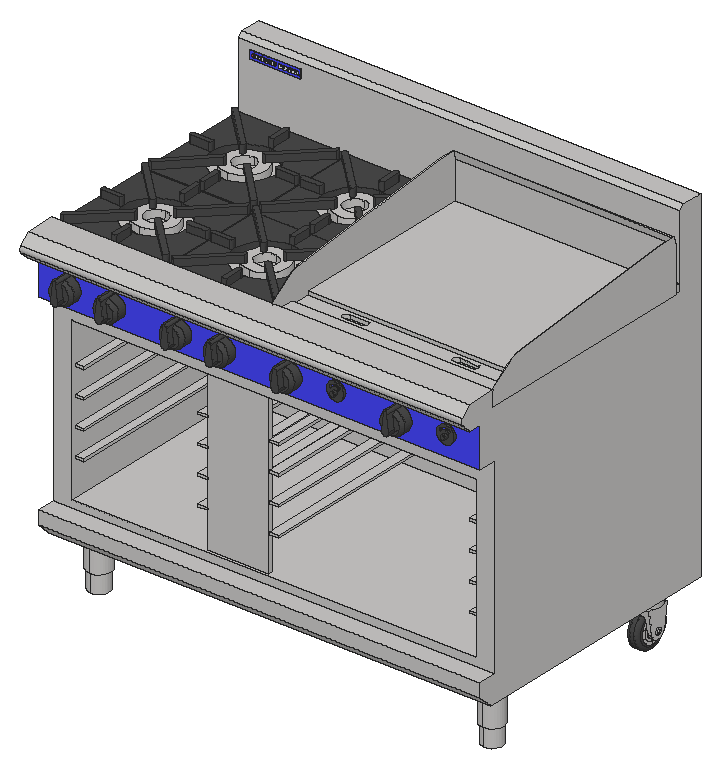
Revit family "QF_MOFFAT_BLUESEAL_CE_G518B-CB", category Specialty Equipment, Revit 2012
Parameters
  Weight in Pounds = 435  # constant formula
  URL Cutsheet = "www.moffat.com"
  URL = "www.moffat.com"
  Type Mark [instance] = ""
  Status [instance] = ""
  Specification by User [instance] = ""
  Specification by Manufacturer = ""
  Show Logo [instance] = yes
  Show Casters [instance] = yes
  Serial Number = ""
  Seismic Rating = ""
  SMACNA No = ""
  Revision Code [instance] = ""
  Omniclass Number and Title = ""
  NAFEM Spec ID Number = ""
  Model = "G518B-CB"
  Mechanical Remarks [instance] = ""
  Mechanical Connection Type [instance] = ""
  Masterspec = ""
  Manufacturer = "MOFFAT BLUESEAL"
  Legs [instance] = not(Show Casters)  # no
  Item Number [instance] = ""
  Installed By [instance] = ""
  Identify Quantity as Lot [instance] = yes
  Gas Size = 3/4"
  Gas RI Height [instance] = 0.0 mm
  Gas KW [instance] = 42.2
  Gas Input [instance] = 144068.0 Btu/h
  Gas Connection Height = 0.0 mm
  Furnished By [instance] = ""
  Foodservice Equipment Identifier [instance] = yes
  Description = "1200MM GAS COOK TOP ON CABINET BASE"
  CSI MasterFormat = ""
  CSI Master Format = ""
  Body Height [instance] = 915.0 mm
  Base Height [instance] = 150.0 mm
Reference planes
  plane 1 "BACK": y = 0
  plane 2: z = 0
  plane 3 "LEFT": x = 0
  plane 4 "RIGHT": x = 1200
  plane 5 "FRONT": y = -812
  plane 6 "TOP": z = 970
  plane 7 "Center Y": x = 600
  plane 8 "Center X": y = -406
  plane 9 "Base Height": z = 150
  plane 10: x = 1134
  plane 11: x = 65
  plane 12: z = 915
  plane 13: z = 1085
  plane 14: y = -100
  plane 15: y = -625
Forms (mm)
  Extrusion 1, solid, material "QF_Finishes_Stainless Steel"
    sketch origin (0, 0, 0) x (0, 1, 0) y (0, 0, 1)
      loop
        line (0, 150) -> (0, 1085) -> (-57.5, 1085) -> (-70, 1072.5) -> (-70, 875) -> (-705, 875) -> (-705, 915) -> (-783.97, 915) -> (-808.485, 890.485)
        arc (-808.485, 890.485) -> (-811.999, 882) -> (-808.485, 873.515) r 12
        line (-808.485, 873.515) -> (-784.97, 850) -> (-749, 850) -> (-749, 740) -> (-135.7, 740) -> (-135.7, 150) -> (0, 150)
      loop
        line (-699, 222.5) -> (-749, 222.5) -> (-749, 186) -> (-713, 150) -> (-699, 150) -> (-699, 222.5)
    from 0 to 1200
  Extrusion 2, solid, material "QF_Finishes_Stainless Steel"
    sketch origin (705, 3, 100) x (1, 0, 0) y (0, 1, 0)
      loop
        circle (365, -35) r 13.5
    from 555 to 599.856
  Revolve 3, solid, material "QF_Finishes_Black"
    sketch origin (89.999, 7, 759.972) x (0, 1, 0) y (0, 0, -1)
      loop
        line (-789, -69.5) -> (-766, -69.5) -> (-766, -42) -> (-756, -42) -> (-756, -37) -> (-800, -37) -> (-800, -63.651) -> (-789, -69.5)
      axis (-800, -37) -> (-756, -37)
    angle from 0 to 360
  Extrusion 4, solid, material "QF_Finishes_Black"
    sketch origin (228.269, 0, 760.13) x (-1, 0, 0) y (0, 0, -1)
      loop
        line (127.85, -26.064) -> (133.27, -68.983)
        arc (133.27, -68.983) -> (138.269, -73.87) -> (143.267, -68.983) r 5
        line (143.267, -68.983) -> (148.756, -24.898)
        arc (148.756, -24.898) -> (137.684, -14.399) -> (127.85, -26.064) r 10.487
    from 759 to 808
  Revolve 5, solid, material "QF_Finishes_Stainless Steel"
    sketch origin (65, -728, 0) x (0, 1, 0) y (0, 0, 1)
      loop
        line (71.25, 150) -> (71.25, 50) -> (75.5, 50) -> (75.5, 0) -> (103, 0) -> (103, 150) -> (71.25, 150)
      axis (103, 150) -> (103, 0)
    angle from 0 to 360
  Revolve 6, solid, material "QF_Finishes_Stainless Steel"
    sketch origin (1134, -728, 0) x (0, 1, 0) y (0, 0, -1)
      loop
        line (71.25, -150) -> (103, -150) -> (103, 0) -> (75.5, 0) -> (75.5, -50) -> (71.25, -50) -> (71.25, -150)
      axis (103, -150) -> (103, 0)
    angle from 0 to 360
  Extrusion 7, solid, material "QF_Finishes_Stainless Steel"
    sketch origin (0, 0, 0) x (1, 0, 0) y (0, 0, 1)
      loop
        line (0, 740) -> (0, 150) -> (1200, 150) -> (1200, 740) -> (0, 740)
      loop
        line (50, 680) -> (50, 242.5) -> (1150, 242.5) -> (1150, 680) -> (50, 680)
    from 135.7 to 699
  Extrusion 8, void
    sketch origin (0, 0, 150) x (-1, 0, 0) y (0, -1, 0)
      loop
        line (-1133.988, 87.26) -> (-1133.988, -30.24) -> (-1004.488, -30.24) -> (-1004.488, 38.76) -> (-1052.988, 87.26) -> (-1133.988, 87.26)
    from 72.5 to 549.856
  Extrusion 9, solid, material "QF_Finishes_Stainless Steel"
    sketch origin (0, -135.7, 735) x (0, 0, 1) y (-1, 0, 0)
      loop
        line (-50, -578.5) -> (-50, -412.5) -> (-492.5, -412.5) -> (-492.5, -578.5) -> (-50, -578.5)
    from 543.302 to 553.302
  Extrusion 10, solid, material "QF_Finishes_Stainless Steel"
    sketch origin (0, -135.7, 735) x (0, 0, 1) y (-1, 0, 0)
      loop
        line (-246.25, -410.75) -> (-239.9, -410.75) -> (-239.9, -385.75) -> (-246.25, -385.75) -> (-246.25, -410.75)
      loop
        line (-321.25, -410.75) -> (-314.9, -410.75) -> (-314.9, -385.75) -> (-321.25, -385.75) -> (-321.25, -410.75)
      loop
        line (-321.25, -50) -> (-321.25, -75) -> (-314.9, -75) -> (-314.9, -50) -> (-321.25, -50)
      loop
        line (-239.9, -75) -> (-239.9, -50) -> (-246.25, -50) -> (-246.25, -75) -> (-239.9, -75)
      loop
        line (-396.25, -410.75) -> (-389.9, -410.75) -> (-389.9, -385.75) -> (-396.25, -385.75) -> (-396.25, -410.75)
      loop
        line (-396.25, -50) -> (-396.25, -75) -> (-389.9, -75) -> (-389.9, -50) -> (-396.25, -50)
      loop
        line (-171.25, -410.75) -> (-164.9, -410.75) -> (-164.9, -385.75) -> (-171.25, -385.75) -> (-171.25, -410.75)
      loop
        line (-164.9, -75) -> (-164.9, -50) -> (-171.25, -50) -> (-171.25, -75) -> (-164.9, -75)
      loop
        line (-246.25, -579.25) -> (-246.25, -604.25) -> (-239.9, -604.25) -> (-239.9, -579.25) -> (-246.25, -579.25)
      loop
        line (-321.25, -579.25) -> (-321.25, -604.25) -> (-314.9, -604.25) -> (-314.9, -579.25) -> (-321.25, -579.25)
      loop
        line (-321.25, -1150) -> (-314.9, -1150) -> (-314.9, -1125) -> (-321.25, -1125) -> (-321.25, -1150)
      loop
        line (-239.9, -1125) -> (-246.25, -1125) -> (-246.25, -1150) -> (-239.9, -1150) -> (-239.9, -1125)
      loop
        line (-396.25, -579.25) -> (-396.25, -604.25) -> (-389.9, -604.25) -> (-389.9, -579.25) -> (-396.25, -579.25)
      loop
        line (-396.25, -1150) -> (-389.9, -1150) -> (-389.9, -1125) -> (-396.25, -1125) -> (-396.25, -1150)
      loop
        line (-171.25, -579.25) -> (-171.25, -604.25) -> (-164.9, -604.25) -> (-164.9, -579.25) -> (-171.25, -579.25)
      loop
        line (-164.9, -1125) -> (-171.25, -1125) -> (-171.25, -1150) -> (-164.9, -1150) -> (-164.9, -1125)
    from 0 to 553.302
  Revolve 11, solid, material "QF_Finishes_Black"
    sketch origin (510.001, 7, 760.028) x (0, 1, 0) y (0, 0, -1)
      loop
        line (-789, -69.5) -> (-766, -69.5) -> (-766, -42) -> (-756, -42) -> (-756, -37) -> (-800, -37) -> (-800, -63.651) -> (-789, -69.5)
      axis (-800, -37) -> (-756, -37)
    angle from 0 to 360
  Extrusion 12, solid, material "QF_Finishes_Black"
    sketch origin (648.27, 0, 760.186) x (-1, 0, 0) y (0, 0, -1)
      loop
        line (127.85, -26.064) -> (133.27, -68.983)
        arc (133.27, -68.983) -> (138.269, -73.87) -> (143.267, -68.983) r 5
        line (143.267, -68.983) -> (148.756, -24.898)
        arc (148.756, -24.898) -> (137.684, -14.399) -> (127.85, -26.064) r 10.487
    from 759 to 808
  Revolve 13, solid, material "QF_Finishes_Black"
    sketch origin (390, 7, 760) x (0, 1, 0) y (0, 0, -1)
      loop
        line (-789, -69.5) -> (-766, -69.5) -> (-766, -42) -> (-756, -42) -> (-756, -37) -> (-800, -37) -> (-800, -63.651) -> (-789, -69.5)
      axis (-800, -37) -> (-756, -37)
    angle from 0 to 360
  Extrusion 14, solid, material "QF_Finishes_Black"
    sketch origin (528.27, 0, 760.158) x (-1, 0, 0) y (0, 0, -1)
      loop
        line (127.85, -26.064) -> (133.27, -68.983)
        arc (133.27, -68.983) -> (138.269, -73.87) -> (143.267, -68.983) r 5
        line (143.267, -68.983) -> (148.756, -24.898)
        arc (148.756, -24.898) -> (137.684, -14.399) -> (127.85, -26.064) r 10.487
    from 759 to 808
  Revolve 15, solid, material "QF_Finishes_Black"
    sketch origin (690, 7, 760) x (0, 1, 0) y (0, 0, -1)
      loop
        line (-789, -69.5) -> (-766, -69.5) -> (-766, -42) -> (-756, -42) -> (-756, -37) -> (-800, -37) -> (-800, -63.651) -> (-789, -69.5)
      axis (-800, -37) -> (-756, -37)
    angle from 0 to 360
  Extrusion 16, solid, material "QF_Finishes_Black"
    sketch origin (828.27, 0, 760.158) x (-1, 0, 0) y (0, 0, -1)
      loop
        line (127.85, -26.064) -> (133.27, -68.983)
        arc (133.27, -68.983) -> (138.269, -73.87) -> (143.267, -68.983) r 5
        line (143.267, -68.983) -> (148.756, -24.898)
        arc (148.756, -24.898) -> (137.684, -14.399) -> (127.85, -26.064) r 10.487
    from 759 to 808
  Revolve 17, solid, material "QF_Finishes_Black"
    sketch origin (990, 7, 760) x (0, 1, 0) y (0, 0, -1)
      loop
        line (-789, -69.5) -> (-766, -69.5) -> (-766, -42) -> (-756, -42) -> (-756, -37) -> (-800, -37) -> (-800, -63.651) -> (-789, -69.5)
      axis (-800, -37) -> (-756, -37)
    angle from 0 to 360
  Extrusion 18, solid, material "QF_Finishes_Black"
    sketch origin (1128.27, 0, 760.158) x (-1, 0, 0) y (0, 0, -1)
      loop
        line (127.85, -26.064) -> (133.27, -68.983)
        arc (133.27, -68.983) -> (138.269, -73.87) -> (143.267, -68.983) r 5
        line (143.267, -68.983) -> (148.756, -24.898)
        arc (148.756, -24.898) -> (137.684, -14.399) -> (127.85, -26.064) r 10.487
    from 759 to 808
  Revolve 19, solid, material "QF_Finishes_Stainless Steel", visible <- "Legs"
    sketch origin (65.5, -166, 0) x (0, 1, 0) y (0, 0, 1)
      loop
        line (34.25, 150) -> (34.25, 50) -> (38.5, 50) -> (38.5, 0) -> (66, 0) -> (66, 150) -> (34.25, 150)
      axis (66, 150) -> (66, 0)
    angle from 0 to 360
  Revolve 20, solid, material "QF_Finishes_Stainless Steel", visible <- "Show Casters"
    sketch origin (16.276, -100.755, -12.8) x (1, 0, 0) y (0, 0, 1)
      loop
        line (14.841, 63.604) -> (83.584, 63.604) -> (83.584, 67.109) -> (82.314, 68.379) -> (80.79, 68.379) -> (80.79, 71.826) -> (68.644, 71.826) -> (68.644, 81.79) -> (65.088, 83.843) -> (63.738, 92.179) -> (65.881, 92.179) -> (65.881, 98.529) -> (65.088, 98.529) -> (65.088, 104.879)
        arc (65.088, 104.879) -> (62.298, 111.614) -> (55.563, 114.404) r 9.525
        line (55.563, 114.404) -> (42.863, 114.404)
        arc (42.863, 114.404) -> (36.127, 111.614) -> (33.338, 104.879) r 9.525
        line (33.338, 104.879) -> (33.338, 98.529) -> (32.544, 98.529) -> (32.544, 92.179) -> (34.687, 92.179) -> (33.352, 83.932) -> (29.782, 81.871) -> (29.782, 71.826) -> (17.635, 71.826) -> (17.635, 68.379) -> (16.111, 68.379) -> (14.841, 67.109) -> (14.841, 63.604)
      axis (14.841, 63.604) -> (83.584, 63.604)
    angle from 0 to 360
  Extrusion 21, solid, material "QF_Finishes_Stainless Steel", visible <- "Show Casters"
    sketch origin (72.001, 132.353, -8.783) x (0, 1, 0) y (0, 0, 1)
      loop
        line (-200.603, 118.783) -> (-264.103, 118.783) -> (-251.746, 53.895)
        arc (-251.746, 53.895) -> (-232.353, 38.783) -> (-212.959, 53.895) r 20
        line (-212.959, 53.895) -> (-200.603, 118.783)
    from -35.667 to 22.923
  Revolve 22, solid, material "QF_Finishes_Stainless Steel", visible <- "Show Casters"
    sketch origin (65.5, -204, 0) x (0, 1, 0) y (0, 0, 1)
      loop
        line (68.25, 150) -> (68.25, 110) -> (104, 110) -> (104, 150) -> (68.25, 150)
      axis (104, 150) -> (104, 110)
    angle from 0 to 360
  Revolve 23, solid, material "QF_Finishes_Stainless Steel", visible <- "Legs"
    sketch origin (65.5, -166, 0) x (0, 1, 0) y (0, 0, 1)
      loop
        line (34.25, 150) -> (34.25, 50) -> (38.5, 50) -> (38.5, 0) -> (66, 0) -> (66, 150) -> (34.25, 150)
      axis (66, 150) -> (66, 0)
    angle from 0 to 360
  Revolve 24, solid, material "QF_Finishes_Stainless Steel", visible <- "Legs"
    sketch origin (1134.5, -166, 0) x (0, 1, 0) y (0, 0, -1)
      loop
        line (34.25, -150) -> (66, -150) -> (66, 0) -> (38.5, 0) -> (38.5, -50) -> (34.25, -50) -> (34.25, -150)
      axis (66, -150) -> (66, 0)
    angle from 0 to 360
  Revolve 25, solid, material "QF_Finishes_Stainless Steel", visible <- "Show Casters"
    sketch origin (1183.724, -100.755, -12.8) x (-1, 0, 0) y (0, 0, -1)
      loop
        line (14.841, -63.604) -> (14.841, -67.109) -> (16.111, -68.379) -> (17.635, -68.379) -> (17.635, -71.826) -> (29.782, -71.826) -> (29.782, -81.871) -> (33.352, -83.932) -> (34.687, -92.179) -> (32.544, -92.179) -> (32.544, -98.529) -> (33.338, -98.529) -> (33.338, -104.879)
        arc (33.338, -104.879) -> (36.127, -111.614) -> (42.863, -114.404) r 9.525
        line (42.863, -114.404) -> (55.563, -114.404)
        arc (55.563, -114.404) -> (62.298, -111.614) -> (65.088, -104.879) r 9.525
        line (65.088, -104.879) -> (65.088, -98.529) -> (65.881, -98.529) -> (65.881, -92.179) -> (63.738, -92.179) -> (65.088, -83.843) -> (68.644, -81.79) -> (68.644, -71.826) -> (80.79, -71.826) -> (80.79, -68.379) -> (82.314, -68.379) -> (83.584, -67.109) -> (83.584, -63.604) -> (14.841, -63.604)
      axis (14.841, -63.604) -> (83.584, -63.604)
    angle from 0 to 360
  Extrusion 26, solid, material "QF_Finishes_Stainless Steel", visible <- "Show Casters"
    sketch origin (1127.999, 132.353, -8.783) x (0, 1, 0) y (0, 0, -1)
      loop
        line (-200.603, -118.783) -> (-212.959, -53.895)
        arc (-212.959, -53.895) -> (-232.353, -38.783) -> (-251.746, -53.895) r 20
        line (-251.746, -53.895) -> (-264.103, -118.783) -> (-200.603, -118.783)
    from -35.667 to 22.923
  Revolve 27, solid, material "QF_Finishes_Stainless Steel", visible <- "Show Casters"
    sketch origin (1134.5, -204, 0) x (0, 1, 0) y (0, 0, -1)
      loop
        line (68.25, -150) -> (104, -150) -> (104, -110) -> (68.25, -110) -> (68.25, -150)
      axis (104, -150) -> (104, -110)
    angle from 0 to 360
  Revolve 28, solid, material "QF_Finishes_Stainless Steel", visible <- "Legs"
    sketch origin (1134.5, -166, 0) x (0, 1, 0) y (0, 0, -1)
      loop
        line (34.25, -150) -> (66, -150) -> (66, 0) -> (38.5, 0) -> (38.5, -50) -> (34.25, -50) -> (34.25, -150)
      axis (66, -150) -> (66, 0)
    angle from 0 to 360
  Extrusion 29, solid, material "QF_Finishes_Black"
    sketch origin (0, -749, 850) x (0, 0, -1) y (1, 0, 0)
      loop
        circle (53, 810) r 23.9
      loop
        circle (53, 1110) r 23.9
      loop
        arc (45.641, 1118.419) -> (46.501, 1123.219) -> (41.701, 1124.079) r 3.448
        arc (41.701, 1124.079) -> (35.116, 1109.341) -> (42.919, 1095.209) r 18.095
        arc (42.919, 1095.209) -> (47.641, 1096.491) -> (46.326, 1101.204) r 3.448
        arc (46.326, 1101.204) -> (42.758, 1109.683) -> (45.641, 1118.419) r 13.109
      loop
        arc (45.641, 818.419) -> (46.501, 823.219) -> (41.701, 824.079) r 3.448
        arc (41.701, 824.079) -> (35.116, 809.341) -> (42.919, 795.209) r 18.095
        arc (42.919, 795.209) -> (47.641, 796.491) -> (46.326, 801.204) r 3.448
        arc (46.326, 801.204) -> (42.758, 809.683) -> (45.641, 818.419) r 13.109
    from 0 to 5
  Extrusion 30, solid, material "QF_Finishes_Black"
    sketch origin (0, -754, 850) x (0, 0, -1) y (1, 0, 0)
      loop
        circle (56.5, 810) r 5.75
      loop
        circle (56.5, 1110) r 5.75
    from 0 to 10
  Revolve 31, solid, material "QF_Finishes_Black"
    sketch origin (210, 7, 760) x (0, 1, 0) y (0, 0, -1)
      loop
        line (-789, -69.5) -> (-766, -69.5) -> (-766, -42) -> (-756, -42) -> (-756, -37) -> (-800, -37) -> (-800, -63.651) -> (-789, -69.5)
      axis (-800, -37) -> (-756, -37)
    angle from 0 to 360
  Extrusion 32, solid, material "QF_Finishes_Black"
    sketch origin (348.27, 0, 760.158) x (-1, 0, 0) y (0, 0, -1)
      loop
        line (127.85, -26.064) -> (133.27, -68.983)
        arc (133.27, -68.983) -> (138.269, -73.87) -> (143.267, -68.983) r 5
        line (143.267, -68.983) -> (148.756, -24.898)
        arc (148.756, -24.898) -> (137.684, -14.399) -> (127.85, -26.064) r 10.487
    from 759 to 808
Cuts and joins
  Extrusion 8 cuts Extrusion 1
  joined: Extrusion 1, Extrusion 7
Lines and regions (mm)
  Split face 1
    outline origin (1200, 0, 1085) x (-1, 0, 0) y (0, -1, 0)
      loop
        arc (1167.206, 18.385) -> (1175.866, 23.385) -> (1175.866, 33.385) r 10
        line (1175.866, 33.385) -> (1171.824, 40.385)
        arc (1171.824, 40.385) -> (1168.164, 44.045) -> (1163.164, 45.385) r 10
        line (1163.164, 45.385) -> (935.206, 45.385)
        arc (935.206, 45.385) -> (926.545, 40.385) -> (926.545, 30.385) r 10
        line (926.545, 30.385) -> (930.587, 23.385)
        arc (930.587, 23.385) -> (934.247, 19.725) -> (939.247, 18.385) r 10
        line (939.247, 18.385) -> (1167.206, 18.385)
  Split face 2
    outline origin (1200, 0, 1085) x (-1, 0, 0) y (0, -1, 0)
      loop
        arc (35.206, 45.385) -> (26.545, 40.385) -> (26.545, 30.385) r 10
        line (26.545, 30.385) -> (30.587, 23.385)
        arc (30.587, 23.385) -> (34.247, 19.725) -> (39.247, 18.385) r 10
        line (39.247, 18.385) -> (267.206, 18.385)
        arc (267.206, 18.385) -> (275.866, 23.385) -> (275.866, 33.385) r 10
        line (275.866, 33.385) -> (271.824, 40.385)
        arc (271.824, 40.385) -> (268.164, 44.045) -> (263.164, 45.385) r 10
        line (263.164, 45.385) -> (35.206, 45.385)
  Split face 3
    outline origin (1200, 0, 1085) x (-1, 0, 0) y (0, -1, 0)
      loop
        arc (335.206, 45.385) -> (326.545, 40.385) -> (326.545, 30.385) r 10
        line (326.545, 30.385) -> (330.587, 23.385)
        arc (330.587, 23.385) -> (334.247, 19.725) -> (339.247, 18.385) r 10
        line (339.247, 18.385) -> (567.206, 18.385)
        arc (567.206, 18.385) -> (575.866, 23.385) -> (575.866, 33.385) r 10
        line (575.866, 33.385) -> (571.824, 40.385)
        arc (571.824, 40.385) -> (568.164, 44.045) -> (563.164, 45.385) r 10
        line (563.164, 45.385) -> (335.206, 45.385)
  Split face 4
    outline origin (1200, 0, 1085) x (-1, 0, 0) y (0, -1, 0)
      loop
        arc (867.206, 18.385) -> (875.866, 23.385) -> (875.866, 33.385) r 10
        line (875.866, 33.385) -> (871.824, 40.385)
        arc (871.824, 40.385) -> (868.164, 44.045) -> (863.164, 45.385) r 10
        line (863.164, 45.385) -> (635.206, 45.385)
        arc (635.206, 45.385) -> (626.545, 40.385) -> (626.545, 30.385) r 10
        line (626.545, 30.385) -> (630.587, 23.385)
        arc (630.587, 23.385) -> (634.247, 19.725) -> (639.247, 18.385) r 10
        line (639.247, 18.385) -> (867.206, 18.385)
  symbolic lines
    curve 1: line (1200, -812, 0) -> (1200, 0, 0)
    curve 2: line (0, -812, 0) -> (1200, -812, 0)
    curve 3: line (0, 0, 0) -> (0, -812, 0)
    curve 12: line (632.794, -18.385, 0) -> (860.753, -18.385, 0)
    curve 13: line (560.753, -18.385, 0) -> (332.794, -18.385, 0)
    curve 14: arc (332.794, -18.385, 0) -> (324.134, -23.385, 0) -> (324.134, -33.385, 0) r 10
    curve 15: line (324.134, -33.385, 0) -> (328.176, -40.385, 0)
    curve 16: arc (328.176, -40.385, 0) -> (331.836, -44.045, 0) -> (336.836, -45.385, 0) r 10
    curve 17: line (336.836, -45.385, 0) -> (564.794, -45.385, 0)
    curve 18: arc (564.794, -45.385, 0) -> (573.455, -40.385, 0) -> (573.455, -30.385, 0) r 10
    curve 19: line (573.455, -30.385, 0) -> (569.413, -23.385, 0)
    curve 20: arc (569.413, -23.385, 0) -> (565.753, -19.725, 0) -> (560.753, -18.385, 0) r 10
    curve 21: line (32.794, -18.385, 0) -> (260.753, -18.385, 0)
    curve 22: arc (260.753, -18.385, 0) -> (265.753, -19.725, 0) -> (269.413, -23.385, 0) r 10
    curve 23: line (269.413, -23.385, 0) -> (273.455, -30.385, 0)
    curve 24: arc (273.455, -30.385, 0) -> (273.455, -40.385, 0) -> (264.794, -45.385, 0) r 10
    curve 25: line (264.794, -45.385, 0) -> (36.836, -45.385, 0)
    curve 26: arc (36.836, -45.385, 0) -> (31.836, -44.045, 0) -> (28.176, -40.385, 0) r 10
    curve 27: line (28.176, -40.385, 0) -> (24.134, -33.385, 0)
    curve 28: arc (24.134, -33.385, 0) -> (24.134, -23.385, 0) -> (32.794, -18.385, 0) r 10
    curve 29: line (932.794, -18.385, 0) -> (1160.753, -18.385, 0)
    curve 30: arc (1160.753, -18.385, 0) -> (1165.753, -19.725, 0) -> (1169.413, -23.385, 0) r 10
    curve 31: line (1169.413, -23.385, 0) -> (1173.455, -30.385, 0)
    curve 32: arc (1173.455, -30.385, 0) -> (1173.455, -40.385, 0) -> (1164.794, -45.385, 0) r 10
    curve 33: line (1164.794, -45.385, 0) -> (936.836, -45.385, 0)
    curve 34: arc (936.836, -45.385, 0) -> (931.836, -44.045, 0) -> (928.176, -40.385, 0) r 10
    curve 35: line (928.176, -40.385, 0) -> (924.134, -33.385, 0)
    curve 36: arc (924.134, -33.385, 0) -> (924.134, -23.385, 0) -> (932.794, -18.385, 0) r 10
    curve 37: line (636.836, -45.385, 0) -> (864.794, -45.385, 0)
    curve 38: arc (864.794, -45.385, 0) -> (873.455, -40.385, 0) -> (873.455, -30.385, 0) r 10
    curve 39: line (873.455, -30.385, 0) -> (869.413, -23.385, 0)
    curve 40: arc (869.413, -23.385, 0) -> (865.753, -19.725, 0) -> (860.753, -18.385, 0) r 10
    curve 41: line (860.753, -18.385, 0) -> (632.794, -18.385, 0)
    curve 42: arc (632.794, -18.385, 0) -> (624.134, -23.385, 0) -> (624.134, -33.385, 0) r 10
    curve 43: line (624.134, -33.385, 0) -> (628.176, -40.385, 0)
    curve 44: arc (628.176, -40.385, 0) -> (631.836, -44.045, 0) -> (636.836, -45.385, 0) r 10
    curve 45: line (0, 0, 0) -> (1200, 0, 0)
    curve 46: line (0, -783.97, 0) -> (1200, -783.97, 0)
    curve 47: line (-1, -705, 0) -> (1199, -705, 0)
    curve 48: line (0, -70, 0) -> (1200, -70, 0)
    curve 49: line (0, -57.5, 0) -> (1200, -57.5, 0)
  symbolic lines, style "SpecialityEquipmentHiddenLines", visible <- "Show Casters"
    curve 4: line (78.456, -46.735, 0) -> (105.952, -62.61, 0)
    curve 5: line (27.656, -134.723, 0) -> (78.456, -46.735, 0)
    curve 6: line (55.152, -150.598, 0) -> (27.656, -134.723, 0)
    curve 7: line (105.952, -62.61, 0) -> (55.152, -150.598, 0)
    curve 8: line (1148.456, -46.735, 0) -> (1175.952, -62.61, 0)
    curve 9: line (1097.656, -134.723, 0) -> (1148.456, -46.735, 0)
    curve 10: line (1125.152, -150.598, 0) -> (1097.656, -134.723, 0)
    curve 11: line (1175.952, -62.61, 0) -> (1125.152, -150.598, 0)
Dimensions and locks
  equal spacing: plane 3 "LEFT", plane 7 "Center Y", plane 4 "RIGHT"
  plane 3 "LEFT" to plane 4 "RIGHT" = 1200.0 mm
  equal spacing: plane 5 "FRONT", plane 8 "Center X", plane 1 "BACK"
  plane 5 "FRONT" to plane 1 "BACK" = 812.0 mm
  "Base Height": plane 9 "Base Height" to level
  plane 6 "TOP" to level = 970.0 mm
  plane 10 to plane 11 = 1069.0 mm
  level to Extrusion 2 = 655.0 mm
  Extrusion 8 to Extrusion 8 = 477.356 mm
  plane 13 to plane 2 = 1085.0 mm
  Extrusion 2 sketch curve to plane 1 "BACK" = 32.0 mm
  Revolve 20 sketch curve to Revolve 20 sketch curve = 50.8 mm
  Revolve 25 sketch curve to Revolve 25 sketch curve = 50.8 mm
  aligned and locked: level to plane 2
Automatic sketch dimensions
  curve 2 to plane 3 "LEFT" = 0.0 mm
  curve 2 to plane 4 "RIGHT" = 0.0 mm
  plane 5 "FRONT" to curve 3 = 0.0 mm
  plane 1 "BACK" to curve 3 = 0.0 mm
  curve 47 to plane 3 "LEFT" = 1.0 mm
  plane 3 "LEFT" to curve 27 = 24.134 mm
  plane 3 "LEFT" to curve 5 = 27.656 mm
  curve 28 to curve 27 = 4.041 mm
  curve 28 to curve 28 = 8.66 mm
  curve 26 to curve 25 = 8.66 mm
  curve 7 to plane 11 = 9.848 mm
  plane 11 to curve 4 = 13.456 mm
  plane 1 "BACK" to curve 22 = 28.385 mm
  curve 4 to curve 22 = 154.801 mm
  curve 22 to curve 25 = 4.041 mm
  plane 1 "BACK" to curve 23 = 23.385 mm
  curve 22 to curve 23 = 8.66 mm
  plane 1 "BACK" to curve 23 = 30.385 mm
  curve 22 to curve 23 = 4.041 mm
  curve 23 to curve 14 = 50.679 mm
  plane 1 "BACK" to curve 15 = 40.385 mm
  curve 15 to curve 15 = 4.041 mm
  curve 14 to curve 13 = 8.66 mm
  curve 15 to curve 17 = 8.66 mm
  curve 20 to plane 7 "Center Y" = 39.247 mm
  curve 20 to curve 17 = 4.041 mm
  curve 20 to curve 19 = 8.66 mm
  curve 19 to curve 18 = 4.041 mm
  plane 7 "Center Y" to curve 42 = 24.134 mm
  curve 42 to curve 44 = 4.041 mm
  curve 42 to curve 42 = 8.66 mm
  curve 44 to curve 37 = 8.66 mm
  plane 1 "BACK" to curve 40 = 18.385 mm
  curve 44 to curve 40 = 223.917 mm
  curve 40 to curve 38 = 4.041 mm
  curve 40 to curve 40 = 8.66 mm
  curve 39 to curve 38 = 4.041 mm
  plane 1 "BACK" to curve 35 = 33.385 mm
  curve 39 to curve 35 = 50.679 mm
  plane 1 "BACK" to curve 35 = 40.385 mm
  curve 36 to curve 35 = 4.041 mm
  curve 36 to curve 36 = 8.66 mm
  curve 36 to curve 34 = 4.041 mm
  curve 10 to plane 10 = 36.344 mm
  curve 11 to plane 10 = 8.848 mm
  plane 10 to curve 8 = 14.456 mm
  plane 10 to curve 29 = 26.753 mm
  curve 8 to curve 33 = 16.339 mm
  curve 29 to curve 30 = 8.66 mm
  curve 31 to curve 31 = 4.041 mm
  plane 4 "RIGHT" to curve 47 = 1.0 mm
  curve 46 to plane 5 "FRONT" = 28.03 mm
  curve 46 to curve 47 = 78.97 mm
  plane 14 to curve 7 = 50.598 mm
  plane 14 to curve 10 = 50.598 mm
  curve 10 to curve 10 = 15.875 mm
  curve 6 to curve 5 = 15.875 mm
  curve 48 to plane 14 = 30.0 mm
  curve 48 to curve 49 = 12.5 mm
  curve 37 to curve 12 = 27.0 mm
  curve 25 to curve 21 = 27.0 mm
  curve 16 to curve 15 = 5.0 mm
  curve 34 to curve 34 = 5.0 mm
  curve 25 to curve 27 = 5.0 mm
  curve 37 to curve 44 = 5.0 mm
  curve 33 to curve 32 = 10.0 mm
  curve 17 to curve 18 = 10.0 mm
  curve 37 to curve 38 = 10.0 mm
  curve 27 to curve 27 = 7.0 mm
  curve 16 to curve 14 = 7.0 mm  (x2)
  curve 43 to curve 43 = 7.0 mm
  curve 38 to curve 40 = 7.0 mm
  curve 18 to curve 20 = 7.0 mm
  curve 34 to curve 36 = 7.0 mm
  curve 32 to curve 30 = 7.0 mm
  Extrusion 1 sketch curve to plane 12 = 0.0 mm
  Extrusion 1 sketch curve to plane 9 "Base Height" = 0.0 mm  (x2)
  Extrusion 1 sketch curve to plane 13 = 0.0 mm
  Extrusion 1 sketch curve to plane 1 "BACK" = 0.0 mm
  Extrusion 1 sketch curve to plane 14 = 42.5 mm
  Extrusion 1 sketch curve to plane 13 = 12.5 mm
  Extrusion 1 sketch curve to Extrusion 1 sketch curve = 12.5 mm
  plane 14 to Extrusion 1 sketch curve = 35.7 mm
  plane 15 to Extrusion 1 sketch curve = 74.0 mm
  Extrusion 1 sketch curve to plane 12 = 40.0 mm
  plane 15 to Extrusion 1 sketch curve = 80.0 mm
  Extrusion 1 sketch curve to Extrusion 1 sketch curve = 14.0 mm
  Extrusion 1 sketch curve to plane 5 "FRONT" = 63.0 mm
  Extrusion 1 sketch curve to Extrusion 1 sketch curve = 50.0 mm
  Extrusion 1 sketch curve to plane 5 "FRONT" = 28.03 mm
  Extrusion 1 sketch curve to plane 5 "FRONT" = 27.03 mm
  Extrusion 1 sketch curve to plane 5 "FRONT" = 12.001 mm
  Extrusion 1 sketch curve to plane 5 "FRONT" = 3.515 mm  (x2)
  plane 9 "Base Height" to Extrusion 1 sketch curve = 36.0 mm
  Extrusion 1 sketch curve to Extrusion 1 sketch curve = 36.5 mm
  Extrusion 1 sketch curve to Extrusion 1 sketch curve = 135.0 mm
  Extrusion 1 sketch curve to Extrusion 1 sketch curve = 25.0 mm
  Extrusion 1 sketch curve to Extrusion 1 sketch curve = 23.515 mm
  Extrusion 1 sketch curve to Extrusion 1 sketch curve = 8.485 mm
  Extrusion 2 sketch curve to plane 10 = 64.0 mm
  Revolve 3 sketch curve to plane 5 "FRONT" = 19.0 mm
  Revolve 3 sketch curve to Revolve 3 sketch curve = 0.0 mm  (x2)
  Revolve 3 sketch curve to Revolve 3 sketch curve = 11.0 mm
  Revolve 3 sketch curve to Revolve 3 sketch curve = 12.7 mm
  Revolve 3 sketch curve to Revolve 3 sketch curve = 23.0 mm
  Revolve 3 sketch curve to Revolve 3 sketch curve = 10.0 mm
  Revolve 3 sketch curve to plane 12 = 85.528 mm
  Revolve 3 sketch curve to Revolve 3 sketch curve = 5.849 mm
  Revolve 3 sketch curve to Revolve 3 sketch curve = 27.5 mm
  Revolve 3 sketch curve to Revolve 3 sketch curve = 5.0 mm
  plane 11 to Extrusion 4 sketch curve = 35.419 mm
  plane 11 to Extrusion 4 sketch curve = 29.999 mm
  Extrusion 4 sketch curve to Extrusion 4 sketch curve = 10.419 mm
  Extrusion 4 sketch curve to Extrusion 4 sketch curve = 4.999 mm  (x2)
  Extrusion 4 sketch curve to Extrusion 4 sketch curve = 10.487 mm
  Extrusion 4 sketch curve to plane 12 = 85.887 mm
  Extrusion 4 sketch curve to Extrusion 4 sketch curve = 0.113 mm
  Extrusion 4 sketch curve to Extrusion 4 sketch curve = 42.919 mm
  Extrusion 4 sketch curve to Extrusion 4 sketch curve = 1.167 mm
  Revolve 5 sketch curve to plane 9 "Base Height" = 0.0 mm
  Revolve 5 sketch curve to level = 0.0 mm
  Revolve 5 sketch curve to plane 15 = 0.0 mm  (x2)
  plane 15 to Revolve 5 sketch curve = 27.5 mm
  plane 15 to Revolve 5 sketch curve = 31.75 mm
  Revolve 5 sketch curve to Revolve 5 sketch curve = 55.0 mm
  level to Revolve 5 sketch curve = 50.0 mm
  Revolve 5 sketch curve to Revolve 5 sketch curve = 0.0 mm
  Revolve 6 sketch curve to plane 9 "Base Height" = 0.0 mm
  Revolve 6 sketch curve to level = 0.0 mm
  Revolve 6 sketch curve to plane 15 = 0.0 mm  (x2)
  plane 15 to Revolve 6 sketch curve = 27.5 mm
  plane 15 to Revolve 6 sketch curve = 31.75 mm
  level to Revolve 6 sketch curve = 50.0 mm
  Revolve 6 sketch curve to Revolve 6 sketch curve = 0.0 mm
  Revolve 6 sketch curve to Revolve 6 sketch curve = 55.0 mm
  Extrusion 7 sketch curve to plane 3 "LEFT" = 0.0 mm
  plane 4 "RIGHT" to Extrusion 7 sketch curve = 0.0 mm
  Extrusion 7 sketch curve to plane 9 "Base Height" = 0.0 mm
  Extrusion 7 sketch curve to plane 11 = 15.0 mm
  plane 10 to Extrusion 7 sketch curve = 16.0 mm
  plane 9 "Base Height" to Extrusion 7 sketch curve = 92.5 mm
  Extrusion 7 sketch curve to plane 12 = 235.0 mm
  Extrusion 7 sketch curve to Extrusion 7 sketch curve = 60.0 mm
  Extrusion 8 sketch curve to plane 10 = 0.012 mm
  Extrusion 8 sketch curve to plane 14 = 12.74 mm
  Extrusion 8 sketch curve to Extrusion 8 sketch curve = 81.0 mm
  Extrusion 8 sketch curve to Extrusion 8 sketch curve = 48.5 mm
  plane 1 "BACK" to Extrusion 8 sketch curve = 38.76 mm
  Extrusion 8 sketch curve to plane 1 "BACK" = 30.24 mm
  Extrusion 9 sketch curve to Extrusion 1 = 92.5 mm
  Extrusion 1 to Extrusion 9 sketch curve = 55.0 mm
  Extrusion 1 to Extrusion 9 sketch curve = 578.5 mm
  Extrusion 9 sketch curve to Extrusion 9 sketch curve = 166.0 mm
  Extrusion 1 to Extrusion 10 sketch curve = 75.0 mm  (x2)
  Extrusion 10 sketch curve to Extrusion 1 = 188.75 mm  (x3)
  Extrusion 10 sketch curve to Extrusion 10 sketch curve = 0.0 mm  (x9)
  Extrusion 1 to Extrusion 10 sketch curve = 50.0 mm  (x4)
  Extrusion 10 sketch curve to Extrusion 10 sketch curve = 6.35 mm  (x16)
  Extrusion 10 sketch curve to Extrusion 10 sketch curve = 68.65 mm  (x12)
  Extrusion 10 sketch curve to Extrusion 10 sketch curve = 25.0 mm  (x16)
  Extrusion 10 sketch curve to Extrusion 10 sketch curve = 520.75 mm
  Extrusion 10 sketch curve to Extrusion 10 sketch curve = 168.5 mm
  Revolve 11 sketch curve to plane 5 "FRONT" = 19.0 mm
  Revolve 11 sketch curve to Revolve 11 sketch curve = 0.0 mm  (x2)
  Revolve 11 sketch curve to Revolve 11 sketch curve = 11.0 mm
  Revolve 11 sketch curve to Revolve 11 sketch curve = 12.7 mm
  Revolve 11 sketch curve to Revolve 11 sketch curve = 23.0 mm
  Revolve 11 sketch curve to Revolve 11 sketch curve = 10.0 mm
  Revolve 11 sketch curve to plane 12 = 85.472 mm
  Revolve 11 sketch curve to Revolve 11 sketch curve = 5.849 mm
  Revolve 11 sketch curve to Revolve 11 sketch curve = 27.5 mm
  Revolve 11 sketch curve to Revolve 11 sketch curve = 5.0 mm
  Extrusion 12 sketch curve to plane 7 "Center Y" = 79.579 mm
  Extrusion 12 sketch curve to Extrusion 12 sketch curve = 5.421 mm
  Extrusion 12 sketch curve to Extrusion 12 sketch curve = 10.419 mm
  Extrusion 12 sketch curve to Extrusion 12 sketch curve = 4.999 mm  (x2)
  Extrusion 12 sketch curve to plane 12 = 85.831 mm
  Extrusion 12 sketch curve to Extrusion 12 sketch curve = 10.487 mm
  Extrusion 12 sketch curve to Extrusion 12 sketch curve = 0.113 mm
  Extrusion 12 sketch curve to Extrusion 12 sketch curve = 42.919 mm
  Extrusion 12 sketch curve to Extrusion 12 sketch curve = 1.167 mm
  Revolve 13 sketch curve to plane 5 "FRONT" = 19.0 mm
  Revolve 13 sketch curve to Revolve 13 sketch curve = 0.0 mm  (x2)
  Revolve 13 sketch curve to Revolve 13 sketch curve = 11.0 mm
  Revolve 13 sketch curve to Revolve 13 sketch curve = 12.7 mm
  Revolve 13 sketch curve to Revolve 13 sketch curve = 23.0 mm
  Revolve 13 sketch curve to Revolve 13 sketch curve = 10.0 mm
  Revolve 13 sketch curve to plane 12 = 85.5 mm
  Revolve 13 sketch curve to Revolve 13 sketch curve = 5.849 mm
  Revolve 13 sketch curve to Revolve 13 sketch curve = 27.5 mm
  Revolve 13 sketch curve to Revolve 13 sketch curve = 5.0 mm
  Extrusion 14 sketch curve to plane 7 "Center Y" = 199.58 mm
  Extrusion 14 sketch curve to Extrusion 14 sketch curve = 5.421 mm
  Extrusion 14 sketch curve to Extrusion 14 sketch curve = 10.419 mm
  Extrusion 14 sketch curve to Extrusion 14 sketch curve = 4.999 mm  (x2)
  Extrusion 14 sketch curve to plane 12 = 85.859 mm
  Extrusion 14 sketch curve to Extrusion 14 sketch curve = 10.487 mm
  Extrusion 14 sketch curve to Extrusion 14 sketch curve = 0.113 mm
  Extrusion 14 sketch curve to Extrusion 14 sketch curve = 42.919 mm
  Extrusion 14 sketch curve to Extrusion 14 sketch curve = 1.167 mm
  Revolve 15 sketch curve to plane 5 "FRONT" = 19.0 mm
  Revolve 15 sketch curve to Revolve 15 sketch curve = 0.0 mm  (x2)
  Revolve 15 sketch curve to Revolve 15 sketch curve = 11.0 mm
  Revolve 15 sketch curve to Revolve 15 sketch curve = 12.7 mm
  Revolve 15 sketch curve to Revolve 15 sketch curve = 23.0 mm
  Revolve 15 sketch curve to Revolve 15 sketch curve = 10.0 mm
  Revolve 15 sketch curve to plane 12 = 85.5 mm
  Revolve 15 sketch curve to Revolve 15 sketch curve = 5.849 mm
  Revolve 15 sketch curve to Revolve 15 sketch curve = 27.5 mm
  Revolve 15 sketch curve to Revolve 15 sketch curve = 5.0 mm
  plane 7 "Center Y" to Extrusion 16 sketch curve = 100.42 mm
  Extrusion 16 sketch curve to Extrusion 16 sketch curve = 5.421 mm
  Extrusion 16 sketch curve to Extrusion 16 sketch curve = 10.419 mm
  Extrusion 16 sketch curve to Extrusion 16 sketch curve = 4.999 mm  (x2)
  Extrusion 16 sketch curve to Extrusion 16 sketch curve = 10.487 mm
  Extrusion 16 sketch curve to plane 12 = 85.859 mm
  Extrusion 16 sketch curve to Extrusion 16 sketch curve = 0.113 mm
  Extrusion 16 sketch curve to Extrusion 16 sketch curve = 42.919 mm
  Extrusion 16 sketch curve to Extrusion 16 sketch curve = 1.167 mm
  Revolve 17 sketch curve to plane 5 "FRONT" = 19.0 mm
  Revolve 17 sketch curve to Revolve 17 sketch curve = 0.0 mm  (x2)
  Revolve 17 sketch curve to Revolve 17 sketch curve = 11.0 mm
  Revolve 17 sketch curve to Revolve 17 sketch curve = 12.7 mm
  Revolve 17 sketch curve to Revolve 17 sketch curve = 23.0 mm
  Revolve 17 sketch curve to Revolve 17 sketch curve = 10.0 mm
  Revolve 17 sketch curve to plane 12 = 85.5 mm
  Revolve 17 sketch curve to Revolve 17 sketch curve = 5.849 mm
  Revolve 17 sketch curve to Revolve 17 sketch curve = 27.5 mm
  Revolve 17 sketch curve to Revolve 17 sketch curve = 5.0 mm
  Extrusion 18 sketch curve to plane 10 = 133.58 mm
  Extrusion 18 sketch curve to Extrusion 18 sketch curve = 5.421 mm
  Extrusion 18 sketch curve to Extrusion 18 sketch curve = 10.419 mm
  Extrusion 18 sketch curve to Extrusion 18 sketch curve = 4.999 mm  (x2)
  Extrusion 18 sketch curve to plane 12 = 85.859 mm
  Extrusion 18 sketch curve to Extrusion 18 sketch curve = 10.487 mm
  Extrusion 18 sketch curve to Extrusion 18 sketch curve = 0.113 mm
  Extrusion 18 sketch curve to Extrusion 18 sketch curve = 42.919 mm
  Extrusion 18 sketch curve to Extrusion 18 sketch curve = 1.167 mm
  Split face 1 sketch curve to cut or joined group of Extrusion 1, Extrusion 7, Extrusion 8 = 27.115 mm
  Split face 1 sketch curve to cut or joined group of Extrusion 1, Extrusion 7, Extrusion 8 = 273.455 mm
  Split face 1 sketch curve to Split face 1 sketch curve = 4.041 mm  (x4)
  Split face 1 sketch curve to Split face 1 sketch curve = 8.66 mm  (x2)
  Split face 1 sketch curve to cut or joined group of Extrusion 1, Extrusion 7, Extrusion 8 = 12.115 mm
  Split face 1 sketch curve to cut or joined group of Extrusion 1, Extrusion 7, Extrusion 8 = 36.836 mm
  Split face 1 sketch curve to Split face 1 sketch curve = 7.0 mm  (x3)
  Split face 1 sketch curve to Split face 1 sketch curve = 17.0 mm
  Split face 2 sketch curve to cut or joined group of Extrusion 1, Extrusion 7, Extrusion 8 = 26.545 mm
  Split face 2 sketch curve to Split face 2 sketch curve = 4.041 mm  (x4)
  Split face 2 sketch curve to Split face 2 sketch curve = 8.66 mm  (x2)
  Split face 2 sketch curve to cut or joined group of Extrusion 1, Extrusion 7, Extrusion 8 = 22.115 mm
  Split face 2 sketch curve to Split face 2 sketch curve = 223.917 mm
  Split face 2 sketch curve to cut or joined group of Extrusion 1, Extrusion 7, Extrusion 8 = 17.115 mm
  Split face 2 sketch curve to Split face 2 sketch curve = 10.0 mm
  Split face 2 sketch curve to Split face 2 sketch curve = 7.0 mm  (x3)
  Split face 3 sketch curve to cut or joined group of Extrusion 1, Extrusion 7, Extrusion 8 = 27.115 mm
  Split face 3 sketch curve to cut or joined group of Extrusion 1, Extrusion 7, Extrusion 8 = 326.545 mm
  Split face 3 sketch curve to cut or joined group of Extrusion 1, Extrusion 7, Extrusion 8 = 23.385 mm
  Split face 3 sketch curve to Split face 3 sketch curve = 4.041 mm  (x3)
  Split face 3 sketch curve to Split face 3 sketch curve = 8.66 mm  (x3)
  Split face 3 sketch curve to cut or joined group of Extrusion 1, Extrusion 7, Extrusion 8 = 12.115 mm
  Split face 3 sketch curve to Split face 3 sketch curve = 223.917 mm
  Split face 3 sketch curve to cut or joined group of Extrusion 1, Extrusion 7, Extrusion 8 = 17.115 mm
  Split face 3 sketch curve to cut or joined group of Extrusion 1, Extrusion 7, Extrusion 8 = 24.115 mm
  Split face 3 sketch curve to Split face 3 sketch curve = 5.0 mm
  Split face 4 sketch curve to cut or joined group of Extrusion 1, Extrusion 7, Extrusion 8 = 27.115 mm
  Split face 4 sketch curve to cut or joined group of Extrusion 1, Extrusion 7, Extrusion 8 = 573.455 mm
  Split face 4 sketch curve to Split face 4 sketch curve = 4.041 mm  (x4)
  Split face 4 sketch curve to Split face 4 sketch curve = 8.66 mm  (x2)
  Split face 4 sketch curve to cut or joined group of Extrusion 1, Extrusion 7, Extrusion 8 = 12.115 mm
  Split face 4 sketch curve to Split face 4 sketch curve = 223.917 mm
  Split face 4 sketch curve to Split face 4 sketch curve = 7.0 mm  (x3)
  Split face 4 sketch curve to Split face 4 sketch curve = 17.0 mm
  Revolve 19 sketch curve to plane 9 "Base Height" = 0.0 mm
  Revolve 19 sketch curve to level = 0.0 mm
  Revolve 19 sketch curve to plane 14 = 0.0 mm  (x2)
  Revolve 19 sketch curve to Revolve 19 sketch curve = 27.5 mm
  Revolve 19 sketch curve to Revolve 19 sketch curve = 31.75 mm
  Revolve 19 sketch curve to Revolve 19 sketch curve = 55.0 mm
  level to Revolve 19 sketch curve = 50.0 mm
  Revolve 19 sketch curve to Revolve 19 sketch curve = 0.0 mm
  plane 3 "LEFT" to Revolve 20 sketch curve = 31.118 mm
  Revolve 20 sketch curve to Revolve 20 sketch curve = 1.27 mm  (x4)
  Revolve 20 sketch curve to Revolve 20 sketch curve = 1.524 mm  (x2)
  Revolve 20 sketch curve to Revolve 20 sketch curve = 12.146 mm  (x2)
  Revolve 20 sketch curve to plane 11 = 16.18 mm
  Revolve 20 sketch curve to Revolve 20 sketch curve = 0.794 mm  (x2)
  Revolve 20 sketch curve to Revolve 20 sketch curve = 3.57 mm
  Revolve 20 sketch curve to Revolve 20 sketch curve = 2.143 mm
  Revolve 20 sketch curve to plane 11 = 5.861 mm
  plane 11 to Revolve 20 sketch curve = 5.63 mm
  plane 11 to Revolve 20 sketch curve = 6.839 mm
  plane 11 to Revolve 20 sketch curve = 15.015 mm
  Revolve 20 sketch curve to Revolve 20 sketch curve = 1.349 mm  (x2)
  Revolve 20 sketch curve to Revolve 20 sketch curve = 3.556 mm
  Revolve 20 sketch curve to Revolve 20 sketch curve = 33.32 mm
  level to Revolve 20 sketch curve = 50.804 mm
  Revolve 20 sketch curve to Revolve 20 sketch curve = 0.0 mm
  Revolve 20 sketch curve to Revolve 20 sketch curve = 3.505 mm  (x2)
  Revolve 20 sketch curve to Revolve 20 sketch curve = 3.447 mm  (x2)
  Revolve 20 sketch curve to Revolve 20 sketch curve = 9.964 mm
  Revolve 20 sketch curve to Revolve 20 sketch curve = 10.045 mm
  Revolve 20 sketch curve to Revolve 20 sketch curve = 2.053 mm
  Revolve 20 sketch curve to Revolve 20 sketch curve = 2.061 mm
  Revolve 20 sketch curve to Revolve 20 sketch curve = 8.247 mm
  Revolve 20 sketch curve to Revolve 20 sketch curve = 8.336 mm
  Revolve 20 sketch curve to Revolve 20 sketch curve = 6.35 mm  (x2)
  Extrusion 21 sketch curve to plane 14 = 0.0 mm
  plane 14 to Extrusion 21 sketch curve = 19.393 mm
  plane 14 to Extrusion 21 sketch curve = 31.75 mm
  Extrusion 21 sketch curve to plane 14 = 19.393 mm
  Extrusion 21 sketch curve to plane 14 = 31.75 mm
  level to Extrusion 21 sketch curve = 45.111 mm
  Extrusion 21 sketch curve to Extrusion 21 sketch curve = 4.889 mm
  Extrusion 21 sketch curve to plane 9 "Base Height" = 40.0 mm
  Revolve 22 sketch curve to plane 9 "Base Height" = 0.0 mm
  Revolve 22 sketch curve to plane 14 = 0.0 mm  (x2)
  plane 14 to Revolve 22 sketch curve = 35.75 mm
  Revolve 22 sketch curve to plane 9 "Base Height" = 40.0 mm
  level to Revolve 22 sketch curve = 50.0 mm
  Revolve 22 sketch curve to level = 55.0 mm
  Revolve 23 sketch curve to plane 9 "Base Height" = 0.0 mm
  Revolve 23 sketch curve to level = 0.0 mm
  Revolve 23 sketch curve to plane 14 = 0.0 mm  (x2)
  Revolve 23 sketch curve to Revolve 23 sketch curve = 27.5 mm
  Revolve 23 sketch curve to Revolve 23 sketch curve = 31.75 mm
  Revolve 23 sketch curve to Revolve 23 sketch curve = 55.0 mm
  level to Revolve 23 sketch curve = 50.0 mm
  Revolve 23 sketch curve to Revolve 23 sketch curve = 0.0 mm
  Revolve 24 sketch curve to plane 9 "Base Height" = 0.0 mm
  Revolve 24 sketch curve to level = 0.0 mm
  Revolve 24 sketch curve to plane 14 = 0.0 mm  (x2)
  Revolve 24 sketch curve to Revolve 24 sketch curve = 27.5 mm
  Revolve 24 sketch curve to Revolve 24 sketch curve = 31.75 mm
  level to Revolve 24 sketch curve = 50.0 mm
  Revolve 24 sketch curve to Revolve 24 sketch curve = 0.0 mm
  Revolve 24 sketch curve to Revolve 24 sketch curve = 55.0 mm
  plane 4 "RIGHT" to Revolve 25 sketch curve = 31.118 mm
  Revolve 25 sketch curve to Revolve 25 sketch curve = 1.27 mm  (x4)
  Revolve 25 sketch curve to Revolve 25 sketch curve = 1.524 mm  (x2)
  Revolve 25 sketch curve to Revolve 25 sketch curve = 12.146 mm  (x2)
  Revolve 25 sketch curve to Revolve 25 sketch curve = 2.762 mm
  Revolve 25 sketch curve to Revolve 25 sketch curve = 0.794 mm  (x2)
  Revolve 25 sketch curve to Revolve 25 sketch curve = 3.57 mm
  Revolve 25 sketch curve to Revolve 25 sketch curve = 2.143 mm
  plane 10 to Revolve 25 sketch curve = 6.861 mm
  Revolve 25 sketch curve to plane 10 = 4.63 mm
  Revolve 25 sketch curve to plane 10 = 5.839 mm
  Revolve 25 sketch curve to plane 10 = 14.015 mm
  Revolve 25 sketch curve to Revolve 25 sketch curve = 1.349 mm  (x2)
  Revolve 25 sketch curve to Revolve 25 sketch curve = 3.556 mm
  Revolve 25 sketch curve to Revolve 25 sketch curve = 33.32 mm
  Revolve 25 sketch curve to plane 9 "Base Height" = 48.396 mm
  Revolve 25 sketch curve to Revolve 25 sketch curve = 6.35 mm  (x4)
  Revolve 25 sketch curve to Revolve 25 sketch curve = 8.247 mm
  Revolve 25 sketch curve to Revolve 25 sketch curve = 8.336 mm
  Revolve 25 sketch curve to Revolve 25 sketch curve = 2.061 mm
  Revolve 25 sketch curve to Revolve 25 sketch curve = 2.053 mm
  Revolve 25 sketch curve to Revolve 25 sketch curve = 10.045 mm
  Revolve 25 sketch curve to Revolve 25 sketch curve = 9.964 mm
  Revolve 25 sketch curve to Revolve 25 sketch curve = 3.447 mm  (x2)
  Revolve 25 sketch curve to Revolve 25 sketch curve = 3.505 mm
  Extrusion 26 sketch curve to plane 14 = 0.0 mm
  plane 14 to Extrusion 26 sketch curve = 19.393 mm
  plane 14 to Extrusion 26 sketch curve = 31.75 mm
  Extrusion 26 sketch curve to plane 14 = 19.393 mm
  Extrusion 26 sketch curve to plane 14 = 31.75 mm
  Extrusion 26 sketch curve to plane 9 "Base Height" = 40.0 mm
  level to Extrusion 26 sketch curve = 50.0 mm
  Extrusion 26 sketch curve to Extrusion 26 sketch curve = 4.889 mm
  Revolve 27 sketch curve to plane 9 "Base Height" = 0.0 mm
  Revolve 27 sketch curve to plane 14 = 0.0 mm  (x2)
  plane 14 to Revolve 27 sketch curve = 35.75 mm
  Revolve 27 sketch curve to plane 9 "Base Height" = 40.0 mm
  level to Revolve 27 sketch curve = 50.0 mm
  Revolve 27 sketch curve to level = 55.0 mm
  Revolve 28 sketch curve to plane 9 "Base Height" = 0.0 mm
  Revolve 28 sketch curve to level = 0.0 mm
  Revolve 28 sketch curve to plane 14 = 0.0 mm  (x2)
  Revolve 28 sketch curve to Revolve 28 sketch curve = 27.5 mm
  Revolve 28 sketch curve to Revolve 28 sketch curve = 31.75 mm
  level to Revolve 28 sketch curve = 50.0 mm
  Revolve 28 sketch curve to Revolve 28 sketch curve = 0.0 mm
  Revolve 28 sketch curve to Revolve 28 sketch curve = 55.0 mm
  Extrusion 1 to Extrusion 29 sketch curve = 41.701 mm  (x2)
  Extrusion 29 sketch curve to Extrusion 29 sketch curve = 1.218 mm  (x2)
  Extrusion 29 sketch curve to Extrusion 29 sketch curve = 1.97 mm  (x4)
  Extrusion 29 sketch curve to Extrusion 29 sketch curve = 1.724 mm  (x2)
  Extrusion 29 sketch curve to Extrusion 29 sketch curve = 1.683 mm  (x2)
  Extrusion 29 sketch curve to Extrusion 29 sketch curve = 6.674 mm  (x2)
  Extrusion 29 sketch curve to Extrusion 29 sketch curve = 0.195 mm  (x2)
  Extrusion 29 sketch curve to Extrusion 29 sketch curve = 2.662 mm  (x2)
  Extrusion 1 to Extrusion 29 sketch curve = 404.791 mm
  Extrusion 29 sketch curve to Extrusion 29 sketch curve = 2.986 mm  (x2)
  Extrusion 29 sketch curve to Extrusion 29 sketch curve = 8.796 mm  (x2)
  Extrusion 29 sketch curve to Extrusion 29 sketch curve = 0.103 mm  (x2)
  Extrusion 29 sketch curve to Extrusion 29 sketch curve = 0.102 mm  (x2)
  Extrusion 1 to Extrusion 29 sketch curve = 104.791 mm
  Extrusion 30 sketch curve to Extrusion 30 sketch curve = 0.0 mm
  Extrusion 30 sketch curve to Extrusion 30 sketch curve = 300.0 mm
  Revolve 31 sketch curve to plane 5 "FRONT" = 19.0 mm
  Revolve 31 sketch curve to Revolve 31 sketch curve = 0.0 mm  (x2)
  Revolve 31 sketch curve to Revolve 31 sketch curve = 11.0 mm
  Revolve 31 sketch curve to Revolve 31 sketch curve = 12.7 mm
  Revolve 31 sketch curve to Revolve 31 sketch curve = 23.0 mm
  Revolve 31 sketch curve to Revolve 31 sketch curve = 10.0 mm
  Revolve 31 sketch curve to plane 12 = 85.5 mm
  Revolve 31 sketch curve to Revolve 31 sketch curve = 5.849 mm
  Revolve 31 sketch curve to Revolve 31 sketch curve = 27.5 mm
  Revolve 31 sketch curve to Revolve 31 sketch curve = 5.0 mm
  plane 11 to Extrusion 32 sketch curve = 155.42 mm
  Extrusion 32 sketch curve to Extrusion 32 sketch curve = 5.421 mm
  Extrusion 32 sketch curve to Extrusion 32 sketch curve = 10.419 mm
  Extrusion 32 sketch curve to Extrusion 32 sketch curve = 4.999 mm  (x2)
  Extrusion 32 sketch curve to plane 12 = 85.859 mm
  Extrusion 32 sketch curve to Extrusion 32 sketch curve = 10.487 mm
  Extrusion 32 sketch curve to Extrusion 32 sketch curve = 0.113 mm
  Extrusion 32 sketch curve to Extrusion 32 sketch curve = 42.919 mm
  Extrusion 32 sketch curve to Extrusion 32 sketch curve = 1.167 mm
  radius of Extrusion 2 sketch curve = 13.5 mm
  radius of Extrusion 29 sketch curve = 23.9 mm  (x2)
  radius of Extrusion 30 sketch curve = 5.75 mm  (x2)
Nested families
  nested 1: "WALDORF LOGO_FACE BASE" at (32, -70, 1056.885) x (1, 0, 0) z (0, -1, 0), visible <- "Show Logo", type "WALDORF LOGO_FACE BASE", detail levels medium+fine
    with Show Logo yes
  nested 2: "GAS BURNER 600 & GRIDDLE 600" at (0, -70, 875.195), type "GAS BURNER 600 & GRIDDLE 600"
    with Width 1200.0 mm, Type Mark "", Status "", Specification by User "", Revision Code "", Item Number "", Installed By "", Identify Quantity as Lot yes, Furnished By "", Foodservice Equipment Identifier yes, Depth 635.0 mm
Connectors
  piping at (1070, -32, 655)
    settings: on Extrusion 2, index 1, connector radius 0.37402", flow factor 0, pipe flow 0 GPM, pressure drop 0.00 psi, fitting loss kfactor 0, connector angle 0.00°, fixture units 0, engagement length 0.0 mm, flow configuration 1, flow direction 1, fitting loss method 0, system type 7, joint type 0, gender type 0, connector reference index -1, connector utility 0, adjustable connector no, is connector primary yes, fitting loss table "", connector description "GAS CONNECTION"
Definition of nested family "WALDORF LOGO_FACE BASE"
  Parameters (values of type "WALDORF LOGO_FACE BASE")
    Show Logo [instance] = yes
    Default Elevation = 1219.2 mm
  Reference planes
    plane 1 "Center (Front/Back)": y = 0
    plane 2: z = 0
    plane 3 "Center (Left/Right)": x = 0
  Forms (mm)
    Extrusion 1, solid
      sketch origin (0, 0, 0) x (1, 0, 0) y (0, 1, 0)
        loop
          line (-1219.2, 1219.2) -> (-1219.2, -1219.2) -> (1219.2, -1219.2) -> (1219.2, 1219.2) -> (-1219.2, 1219.2)
      from 0 to -304.8
    Extrusion 2, solid, material "QF_Finishes_Blue", visible <- "Show Logo"
      sketch origin (0, -33.217, 0) x (1, 0, 0) y (0, 1, 0)
        loop
          arc (138, 31.942) -> (137.626, 32.844) -> (136.724, 33.217) r 1.276
          line (136.724, 33.217) -> (1.29, 33.217)
          arc (1.29, 33.217) -> (0.378, 32.839) -> (0, 31.927) r 1.29
          line (0, 31.927) -> (0, 11.507)
          arc (0, 11.507) -> (0.378, 10.595) -> (1.29, 10.217) r 1.29
          line (1.29, 10.217) -> (136.71, 10.217)
          arc (136.71, 10.217) -> (137.622, 10.595) -> (138, 11.507) r 1.29
          line (138, 11.507) -> (138, 31.942)
      from 0 to 1.588
    Extrusion 3, solid, material "QF_Finishes_White", visible <- "Show Logo"
      sketch origin (0, -33.217, 1.588) x (1, 0, 0) y (0, 1, 0)
        loop
          arc (108.946, 25.919) -> (107.613, 25.367) -> (107.061, 24.034) r 1.885
          line (107.061, 24.034) -> (107.061, 17.211) -> (112.704, 17.211) -> (112.704, 19.129) -> (115.546, 19.129) -> (115.546, 17.211) -> (121.584, 17.211) -> (121.584, 24.075)
          arc (121.584, 24.075) -> (121.043, 25.379) -> (119.739, 25.919) r 1.845
          line (119.739, 25.919) -> (108.946, 25.919)
        loop
          line (123.478, 25.919) -> (123.478, 17.163) -> (134.904, 17.163) -> (134.904, 19.129) -> (129.246, 19.129) -> (129.246, 25.919) -> (123.478, 25.919)
        loop
          line (112.704, 21.258) -> (115.546, 21.258) -> (115.546, 22.702)
          arc (115.546, 22.702) -> (115.344, 23.188) -> (114.858, 23.389) r 0.687
          line (114.858, 23.389) -> (113.363, 23.389)
          arc (113.363, 23.389) -> (112.897, 23.196) -> (112.704, 22.73) r 0.658
          line (112.704, 22.73) -> (112.704, 21.258)
        loop
          line (105.071, 25.919) -> (93.771, 25.919) -> (93.771, 17.163) -> (105.071, 17.163) -> (105.071, 19.063) -> (99.535, 19.063) -> (99.535, 20.437) -> (105.071, 20.437) -> (105.071, 22.278) -> (99.535, 22.278) -> (99.535, 23.587) -> (105.071, 23.587) -> (105.071, 25.919)
        loop
          line (91.104, 25.919) -> (79.541, 25.919)
          arc (79.541, 25.919) -> (78.558, 25.513) -> (78.152, 24.53) r 1.389
          line (78.152, 24.53) -> (78.152, 22.08)
          arc (78.152, 22.08) -> (78.558, 21.098) -> (79.541, 20.691) r 1.389
          line (79.541, 20.691) -> (86.346, 20.691) -> (86.346, 18.864) -> (83.266, 18.864) -> (83.266, 19.664) -> (78.152, 19.664) -> (78.152, 18.553)
          arc (78.152, 18.553) -> (78.558, 17.57) -> (79.541, 17.163) r 1.389
          line (79.541, 17.163) -> (91.063, 17.163)
          arc (91.063, 17.163) -> (92.045, 17.57) -> (92.452, 18.553) r 1.389
          line (92.452, 18.553) -> (92.452, 20.691)
          arc (92.452, 20.691) -> (92.045, 21.673) -> (91.063, 22.08) r 1.389
          line (91.063, 22.08) -> (83.266, 22.08) -> (83.266, 23.984) -> (86.346, 23.984) -> (86.346, 22.743) -> (92.452, 22.743) -> (92.452, 24.571)
          arc (92.452, 24.571) -> (92.057, 25.524) -> (91.104, 25.919) r 1.348
        loop
          line (70.705, 25.919) -> (59.405, 25.919) -> (59.405, 17.163) -> (70.705, 17.163) -> (70.705, 19.063) -> (65.169, 19.063) -> (65.169, 20.437) -> (70.705, 20.437) -> (70.705, 22.278) -> (65.169, 22.278) -> (65.169, 23.587) -> (70.705, 23.587) -> (70.705, 25.919)
        loop
          line (57.598, 25.919) -> (51.7, 25.919) -> (51.7, 20.18)
          arc (51.7, 20.18) -> (50.63, 19.11) -> (49.56, 20.18) r 1.07
          line (49.56, 20.18) -> (49.56, 25.919) -> (43.663, 25.919) -> (43.663, 19.049)
          arc (43.663, 19.049) -> (44.215, 17.716) -> (45.548, 17.163) r 1.885
          line (45.548, 17.163) -> (55.71, 17.163)
          arc (55.71, 17.163) -> (57.045, 17.716) -> (57.598, 19.051) r 1.887
          line (57.598, 19.051) -> (57.598, 25.919)
        loop
          line (31.62, 25.919) -> (31.62, 17.163) -> (43.046, 17.163) -> (43.046, 19.129) -> (37.388, 19.129) -> (37.388, 25.919) -> (31.62, 25.919)
        loop
          line (15.969, 25.919) -> (15.969, 17.163) -> (28.693, 17.163)
          arc (28.693, 17.163) -> (29.812, 17.627) -> (30.276, 18.746) r 1.582
          line (30.276, 18.746) -> (30.276, 20.447) -> (29.48, 21.243) -> (30.276, 22.039) -> (30.276, 24.332)
          arc (30.276, 24.332) -> (29.811, 25.454) -> (28.688, 25.919) r 1.587
          line (28.688, 25.919) -> (15.969, 25.919)
        loop
          line (21.449, 24.159) -> (21.449, 22.436) -> (23.862, 22.436)
          arc (23.862, 22.436) -> (24.723, 23.298) -> (23.862, 24.159) r 0.861
          line (23.862, 24.159) -> (21.449, 24.159)
        loop
          line (21.449, 20.244) -> (21.449, 18.522) -> (23.862, 18.522)
          arc (23.862, 18.522) -> (24.723, 19.383) -> (23.862, 20.244) r 0.861
          line (23.862, 20.244) -> (21.449, 20.244)
      from 0 to 0.2
    Extrusion 4, solid, material "QF_Finishes_Blue", visible <- "Show Logo"
      sketch origin (-126.498, -31.09, 1.588) x (1, 0, 0) y (0, 1, 0)
        loop
          line (136.738, 23.522) -> (136.738, 15.1)
          arc (136.738, 15.1) -> (140.756, 19.311) -> (136.738, 23.522) r 4.216
      from 0 to 0.2
    Extrusion 5, solid, material "QF_Finishes_Red", visible <- "Show Logo"
      sketch origin (146.849, -31.09, 1.588) x (-1, 0, 0) y (0, -1, 0)
        loop
          arc (136.738, -23.522) -> (140.756, -19.311) -> (136.738, -15.1) r 4.216
          line (136.738, -15.1) -> (136.738, -23.522)
      from 0 to 0.2
  Lines and regions (mm)
    Split face 1
      outline origin (-90.35, -30.793, 1.588) x (1, 0, 0) y (0, 1, 0)
        loop
          circle (100.54, 19.013) r 4.536
  Dimensions and locks
    aligned and locked: plane 2 to Extrusion 1
    aligned and locked: level to Extrusion 1
